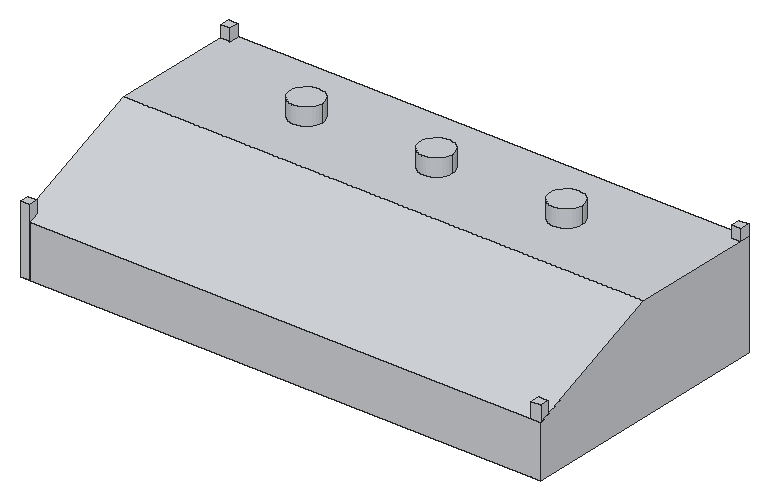
Revit family "НЕВАТОМ_Зонт вытяжной ZVP–2, Версия 2", category Воздухораспределители, Revit 2017
Family settings
  Размер круглого соединителя = Использовать диаметр
  Тип детали = Нормальный
  На основе рабочей плоскости = Нет
  Всегда вертикально = Да
  При загрузке вырезать с полостями = Нет
  Общий = Нет
  Точка расчета площади = Нет
Parameters (values of type "ZVP-2")
  ТП1 [instance] = "Зонт вытяжной ZVP–2 2"
  ТП [instance] = "Зонт вытяжной ZVP–2"
  URL = "https://t.me/NEVATOM_Bim_bot"
  D врезки [instance] = 125 mm
  ADSK_Размер_Ширина [instance] = A  # 800 mm
  ADSK_Размер_Длина [instance] = B  # 2000 mm
  ADSK_Размер_Высота [instance] = 510 mm  # constant formula
  ADSK_Наименование [instance] = "Пристенный вытяжной зонт"  # constant formula
  ADSK_Материал наименование = "Оцинкованная сталь"  # constant formula
  ADSK_Количество = 1  # constant formula
  A [instance] = 800 mm
  B [instance] = 2000 mm
  ADSK_Расход воздуха = 0.0 L/s
  ADSK_Примечание = ""
  ADSK_Потеря давления воздуха = 0.0 Pa
  ADSK_Позиция = ""
  ADSK_Масса [instance] = size_lookup(ТП, "ADSK_Масса", 0, A, B)  # 42.51
  ADSK_Марка [instance] = size_lookup(ТП1, "", "Ошибка типоразмера", A, B)  # "ZVP-2 -800х2000"
  ADSK_Код изделия = ""
  ADSK_Завод-изготовитель = "НЕВАТОМ"  # constant formula
  ADSK_Единица измерения = "шт"  # constant formula
  2 врезки [instance] = yes
  1 врезка [instance] = yes
Reference planes
  plane 1 "По центру (Вперед/Назад)": y = 0
  plane 2: z = 0
  plane 3 "По центру (Влево/Вправо)": x = 0
  plane 4: y = 500
  plane 5: y = -500
  plane 6: x = -1000
  plane 7: x = 1000
  plane 8: y = 250
  plane 9: x = -500
  plane 10: x = 500
  plane 11: z = 510
  plane 12: z = 445
  plane 13: z = 45
  plane 14: z = 490
  plane 15: z = 245
  plane 16: y = -465
  plane 17: y = 465
  plane 18: z = 305
  plane 19: z = 305
Forms (mm)
  Extrusion 1, solid
    sketch origin (0, 0, 0) x (0, 1, 0) y (0, 0, 1)
      loop
        line (500, 45) -> (500, 445) -> (0, 445) -> (-500, 245) -> (-500, 45) -> (500, 45)
    from -1000 to 1000
  Extrusion 2, solid, visible <- "1 врезка"
    sketch origin (0, 0, 0) x (1, 0, 0) y (0, 1, 0)
      loop
        circle (0, 250) r 62.5
    from 445 to 510
  Extrusion 3, solid, visible <- "2 врезки"
    sketch origin (0, 0, 0) x (1, 0, 0) y (0, 1, 0)
      loop
        circle (-500, 250) r 62.5
      loop
        circle (500, 250) r 62.5
    from 445 to 510
  Extrusion 4, solid
    sketch origin (0, 0, 0) x (0, 1, 0) y (0, 0, 1)
      loop
        line (-500, 305) -> (-500, 45) -> (-465, 45) -> (-465, 305) -> (-500, 305)
      loop
        line (465, 490) -> (465, 245) -> (500, 245) -> (500, 490) -> (465, 490)
    from 965 to 1000
  Extrusion 5, solid
    sketch origin (0, 0, 0) x (0, 1, 0) y (0, 0, -1)
      loop
        line (-500, -305) -> (-465, -305) -> (-465, -45) -> (-500, -45) -> (-500, -305)
      loop
        line (465, -490) -> (500, -490) -> (500, -245) -> (465, -245) -> (465, -490)
    from 965 to 1000
  Extrusion 6, solid
    sketch origin (0, 0, 0) x (0, 1, 0) y (0, 0, 1)
      loop
        line (465, 45) -> (465, 0) -> (500, 0) -> (500, 45) -> (465, 45)
    from -965 to -930
Dimensions and locks
  equal spacing: plane 6, plane 9, plane 3 "По центру (Влево/Вправо)"
  equal spacing: plane 3 "По центру (Влево/Вправо)", plane 10, plane 7
  equal spacing: plane 6, plane 3 "По центру (Влево/Вправо)", plane 7
  "B": plane 6 to plane 7
  equal spacing: plane 4, plane 1 "По центру (Вперед/Назад)", plane 5
  equal spacing: plane 1 "По центру (Вперед/Назад)", plane 8, plane 4
  plane 4 to plane 5 = 1000 mm
  locked: plane 11 to level at 510
  locked: plane 12 to plane 13 at 400
  locked: plane 14 to plane 13 at 445
  locked: plane 13 to level at 45
  locked: plane 16 to plane 5 at 35
  locked: plane 4 to plane 17 at 35
  locked: plane 12 to plane 15 at 200
  locked: plane 7 to Extrusion 4 at 35
  locked: Extrusion 5 to plane 6 at 35
  plane 5 to plane 16 = 35 mm
  plane 17 to plane 4 = 35 mm
  locked: Extrusion 6 to Extrusion 6 at 35
  plane 15 to plane 13 = 200 mm
  locked: plane 18 to plane 13 at 260
  locked: plane 19 to plane 13 at 260
  "D врезки": diameter of Extrusion 2 sketch curve
  "D врезки": diameter of Extrusion 3 sketch curve  (x2)
  aligned and locked: level to plane 2
  aligned and locked: Extrusion 1 sketch curve to plane 4
  aligned and locked: Extrusion 1 to plane 6
  aligned and locked: plane 7 to Extrusion 1
  aligned and locked: plane 11 to Extrusion 2
  aligned and locked: Extrusion 2 to plane 12
  aligned and locked: plane 11 to Extrusion 3
  aligned and locked: Extrusion 3 to plane 12
  aligned and locked: Extrusion 4 sketch curve to plane 14
  aligned and locked: plane 15 to Extrusion 4 sketch curve
  aligned and locked: Extrusion 4 sketch curve to Extrusion 1
  aligned and locked: Extrusion 4 sketch curve to plane 17
  aligned and locked: plane 5 to Extrusion 4 sketch curve
  aligned and locked: plane 16 to Extrusion 4 sketch curve
  aligned and locked: plane 7 to Extrusion 4
  aligned and locked: Extrusion 5 to plane 6
  aligned and locked: Extrusion 6 sketch curve to plane 4
  aligned and locked: level to Extrusion 6 sketch curve
  aligned and locked: Extrusion 6 sketch curve to plane 17
  aligned and locked: Extrusion 6 sketch curve to plane 13
  aligned and locked: Extrusion 5 to Extrusion 6
  aligned and locked: Extrusion 1 sketch curve to plane 12
  aligned and locked: plane 1 "По центру (Вперед/Назад)" to Extrusion 1 sketch curve
  aligned and locked: plane 5 to Extrusion 1 sketch curve  (x2)
  aligned and locked: plane 13 to Extrusion 1 sketch curve
  aligned and locked: plane 13 to Extrusion 4 sketch curve
  aligned and locked: plane 18 to Extrusion 4 sketch curve
  aligned and locked: plane 13 to Extrusion 5 sketch curve
  aligned and locked: Extrusion 5 sketch curve to plane 19
  aligned and locked: plane 16 to Extrusion 5 sketch curve
  aligned and locked: plane 5 to Extrusion 5 sketch curve
  aligned and locked: Extrusion 5 sketch curve to plane 4
  aligned and locked: Extrusion 5 sketch curve to Extrusion 4
Automatic sketch dimensions
  Extrusion 5 sketch curve to plane 14 = 0 mm
  Extrusion 5 sketch curve to plane 15 = 0 mm
  Extrusion 1 sketch curve to plane 15 = 0 mm
  Extrusion 2 sketch curve to plane 3 "По центру (Влево/Вправо)" = 0 mm
  Extrusion 2 sketch curve to plane 8 = 0 mm
  Extrusion 3 sketch curve to plane 8 = 0 mm  (x2)
  Extrusion 3 sketch curve to plane 9 = 0 mm
  Extrusion 3 sketch curve to plane 10 = 0 mm
Connectors
  hvac at (500, 250, 510), driven by "D врезки"
    settings: on Extrusion 3, index 1, duct flow 0.0 L/s, flow factor 0, pres drop 0.0 Pa, loss coef 0, conn angle 0.00°, conn width 304.8 mm, conn height 304.8 mm, conn diameter 125 mm, duct sys type 29, conn prof type 0, flow config 1, flow direction 0, loss method 0, conn ref index -1, conn util no, is conn primary yes, conn desc ""
  hvac at (0, 250, 510), driven by "D врезки"
    settings: on Extrusion 2, index 2, duct flow 0.0 L/s, flow factor 0, pres drop 0.0 Pa, loss coef 0, conn angle 0.00°, conn width 304.8 mm, conn height 304.8 mm, conn diameter 125 mm, duct sys type 29, conn prof type 0, flow config 1, flow direction 0, loss method 0, conn ref index -1, conn util no, is conn primary no, conn desc ""
  hvac at (-500, 250, 510), driven by "D врезки"
    settings: on Extrusion 3, index 3, duct flow 0.0 L/s, flow factor 0, pres drop 0.0 Pa, loss coef 0, conn angle 0.00°, conn width 304.8 mm, conn height 304.8 mm, conn diameter 125 mm, duct sys type 29, conn prof type 0, flow config 1, flow direction 0, loss method 0, conn ref index -1, conn util no, is conn primary no, conn desc ""
